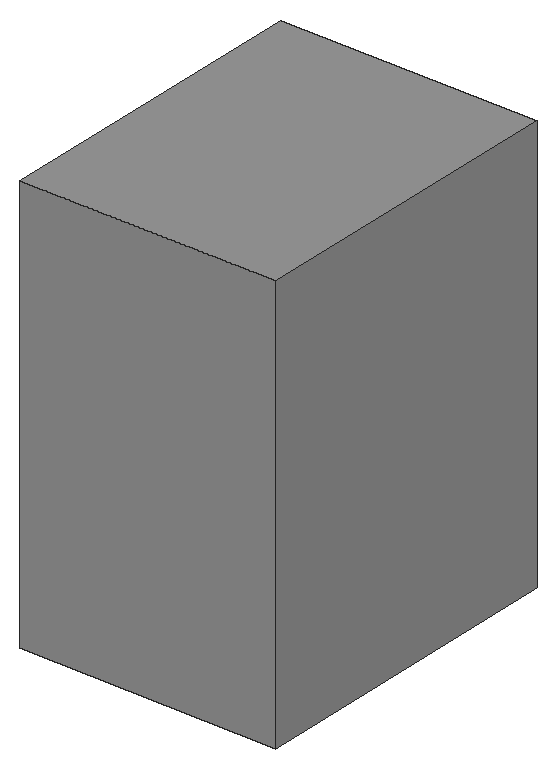
Revit family "PRE080029-FR", category Appareils sanitaires, Revit 2017
Family settings
  Cote de connecteur circulaire = Utiliser le diamètre
  Type d'élément = Normal
  Basée sur le plan de construction = Non
  Toujours verticalement = Oui
  Couper avec des vides une fois chargée = Non
  Partagée = Non
  Point de calcul de pièce = Non
Parameters (values of type "70834 PRESTO CHEF Mitigeur monocommande sur plage avec bec par-dessus")
  Variantes = "70834"
  Product data url = "https://www.bimobject.com/presto/product/pre080029"
  Product Guid = "bc58cdac-6da3-4c08-bdbf-0c1564ae9352"
  LC = 15 mm
  Garantie = ""
  URL Fabricant = "http://www.prestodatashare.com/centretelechargement/index.php?lang=FR&refs=70834"
  URL = "http://www.prestodatashare.com/centretelechargement/index.php?lang=FR&refs=70834"
  Lien notice d'utilisation = "http://www.prestodatashare.com/centretelechargement/index.php?lang=FR&refs=70834"
  Lien fiche produit = "http://www.prestodatashare.com/espacedoc/Fiches_Techniques/FR/70834.pdf"
  Reference = "70834"
  Pression = ""
  Polantis code = "PRE080029"
  Perte de charge = 0.0 Pa
  Profondeur = 286 mm
  Modèle = "70834 PRESTO CHEF Mitigeur monocommande sur plage avec bec par-dessus"
  Matériau = Laiton poli chromé
  Lien CCTP = "http://www.prestodatashare.com/centretelechargement/index.php?lang=FR&refs=70834"
  Largeur = 224 mm
  PC = 30 mm
  Hauteur = 367 mm
  Fonction = "Bec orientable à 360° Saillie 250 mm Hauteur sous bec 276 mm - diamètre 22 mm\nEpaisseur de bec : 1,5 mm\nCartouche céramique avec débit 20 L/min à 3 bar\nBrise-jet anti-tartre interchangeable\nCommande au coude latérale\n\nPression d'utilisation recommandée : 1 à 5 bars\n\nDébit : 20L/min à 3 bar\n\nAlimentation hydraulique : G 1/2'' (15x 21)\n\nMatière et couleur de finition :\nCorps et bec en laiton chromé\nMatière conforme avec la liste \"UBA\"\n\nRésistance thermique : Résiste à une température de 75° C durant 30 minutes (dans le cadre de chocs thermiques).\n\nLivré avec :\n1 étrier de fixation\n2 flexibles PEX avec écrou femelle tresse en acier inoxydable G1/2'' Lg 660 mm avec clapets anti-retour NF\n2 filtres\n\nOption :\nPossibilité d'ajouter une réhausse vendue séparément, facilitant le passage de gros contenants"
  Flux = 0.0316667 L/s
  Finition = "Corps en laiton chromé conforme aux normes NF EN1982/ NF EN 12164 / NF EN 12165\nTraitement de surface Nickel-Chrome selon NF EN12540\nRésistance au brouillard salin neutre (NSS) : 200 h selon NF ISO 9243"
  Fabricant = "LES ROBINETS PRESTO S.A."
  Edition number = 0
  Diamètre Nominal = 15 mm
  Description = "Produit résistant à un usage intensif\nInterface corps/bec renforcé avec double paliers de glissement : absence de jeu et endurance élevée\nBec cossu : Ø 22 mm - épaisseur 1,5mm\nCommande ergonomique et robuste : facilité de préhension\nDéport de la manette sur le côté : accès facilité pour le lavage\nHygiène : bec à intérieur lisse\nFacilité de nettoyage\nBec haut pour laisser passer les grands contenants\nFacilité de maintenance : disponibilité de toutes les pièces d'usure\nBrise-jet pour canaliser l'eau et éviter les projections d'eau latérales"
  Debit = "1,9l/min avec limiteur de débit intégré\r (sprayer)\r\n Dispositif anti-coup de bélier\r\r\n Brise-jet : anti-vandalisme et anti-bouchage"
  Raccordement = "2xG1/2 couplé dessous arrière gauche"
  Adresse = "7, RUE RACINE - 92542 MONTROUGE CEDEX FRANCE"
Reference planes
  plane 1 "Centre (avant/arrière)": y = 0
  plane 2: z = 0
  plane 3 "Centre (gauche/droite)": x = 0
  plane 4: y = -286
  plane 5: x = 224
  plane 6: z = 367
  plane 7: x = 112
  plane 8: z = 1
  plane 9: y = -30
  plane 10: x = 15
  plane 11: x = 209
Forms (mm)
  Extrusion 1, solid, material "Laiton poli chromé" <- "Matériau", detail levels fine
    sketch origin (0, 0, 0) x (1, 0, 0) y (0, 1, 0)
      loop
        line (0, 0) -> (0, -286) -> (224, -286) -> (224, 0) -> (0, 0)
    from 0 to 367
  Extrusion 2, solid, material "Laiton poli chromé" <- "Matériau", detail levels fine
    sketch origin (0, 0, 0) x (1, 0, 0) y (0, 1, 0)
      loop
        circle (15, -30) r 5
    from 0 to 1
  Extrusion 3, solid, material "Laiton poli chromé" <- "Matériau", detail levels fine
    sketch origin (0, 0, 0) x (1, 0, 0) y (0, 1, 0)
      loop
        circle (209, -30) r 5
    from 0 to 1
Cuts and joins
  joined: Extrusion 1, Extrusion 2, Extrusion 3
Dimensions and locks
  "Profondeur": plane 1 "Centre (avant/arrière)" to plane 4
  "Largeur": plane 3 "Centre (gauche/droite)" to plane 5
  "Hauteur": plane 6 to level
  equal spacing: plane 3 "Centre (gauche/droite)", plane 7, plane 5
  locked: plane 8 to plane 2 at 1
  "PC": plane 1 "Centre (avant/arrière)" to plane 9
  "LC": plane 3 "Centre (gauche/droite)" to plane 10
  "LC": plane 11 to plane 5
  aligned and locked: level to plane 2
  aligned and locked: plane 1 "Centre (avant/arrière)" to Extrusion 1 sketch curve
  aligned and locked: plane 3 "Centre (gauche/droite)" to Extrusion 1 sketch curve
  aligned and locked: plane 4 to Extrusion 1 sketch curve
  aligned and locked: plane 5 to Extrusion 1 sketch curve
  aligned and locked: plane 6 to Extrusion 1
  aligned and locked: plane 8 to Extrusion 2
  aligned and locked: plane 8 to Extrusion 3
  aligned and locked: nested 1 to plane 9
  aligned and locked: plane 7 to nested 1
  aligned and locked: plane 6 to nested 2
  aligned and locked: plane 7 to nested 2
  aligned and locked: nested 2 to plane 4
Automatic sketch dimensions
  Extrusion 2 sketch curve to plane 9 = 0 mm
  Extrusion 2 sketch curve to plane 10 = 0 mm
  Extrusion 3 sketch curve to plane 9 = 0 mm
  Extrusion 3 sketch curve to plane 11 = 0 mm
  radius of Extrusion 2 sketch curve = 5 mm
  radius of Extrusion 3 sketch curve = 5 mm
Nested families
  nested 1: "SymboliqueA6" at (0, -30, 0) x (0, 1, 0) z (0, 0, 1), type "SymboliqueA6", detail levels coarse+medium
  nested 2: "S2DA6" at (224, -143, 0) x (0, 1, 0) z (0, 0, 1), type "S2DA6", detail levels coarse+medium
Connectors
  piping at (15, -30, 0), diameter 15, driven by "Diamètre Nominal", driven by "Flux", driven by "Perte de charge"
    settings: on Extrusion 2, index 3, connector inside diameter 609.6 mm, connector length 0 mm, flow factor 0, pipe flow 0.0316667 L/s, pressure drop 0.0 Pa, fitting loss kfactor 0, connector angle 0.00°, fixture units 0, engagement length 0 mm, angle of deflection 0.00°, flow configuration 0, flow direction 1, fitting loss method 4, system type 19, joint type 0, gender type 0, connector reference index -1, connector utility 0, adjustable connector no, is connector primary yes, connector description ""
  piping at (209, -30, 0), diameter 15, driven by "Flux", driven by "Perte de charge", driven by "Diamètre Nominal"
    settings: on Extrusion 3, index 4, connector inside diameter 609.6 mm, connector length 0 mm, flow factor 0, pipe flow 0.0316667 L/s, pressure drop 0.0 Pa, fitting loss kfactor 0, connector angle 0.00°, fixture units 0, engagement length 0 mm, angle of deflection 0.00°, flow configuration 0, flow direction 1, fitting loss method 4, system type 20, joint type 0, gender type 0, connector reference index -1, connector utility 0, adjustable connector no, is connector primary no, connector description ""
Definition of nested family "SymboliqueA6"
  Parameters (values of type "SymboliqueA6")
    V = yes
    P = 1000 mm
    L = 1000 mm
    H = 1000 mm
  Reference planes
    plane 1 "Centre (avant/arrière)": y = 0
    plane 2: z = 0
    plane 3 "Centre (gauche/droite)": x = 0
    plane 4: y = -1000
    plane 5: x = -500
    plane 6: x = 500
    plane 7: z = 1000
    plane 8: z = 500
    plane 9: y = -500
  Lines and regions (mm)
    model lines
      curve 1: line (0, -1000, 1000) -> (0, 0, 0)
      curve 2: line (0, 0, 0) -> (0, -1000, 0)
      curve 3: line (0, -1000, 0) -> (0, 0, 1000)
      curve 4: line (0, 0, 1000) -> (0, -1000, 1000)
  Dimensions and locks
    "H": plane 7 to plane 2
    equal spacing: plane 5, plane 3 "Centre (gauche/droite)", plane 6
    "L": plane 5 to plane 6
    equal spacing: plane 7, plane 8, level
    equal spacing: plane 4, plane 9, plane 1 "Centre (avant/arrière)"
    "P": plane 1 "Centre (avant/arrière)" to plane 4
    aligned and locked: level to plane 2
  Automatic sketch dimensions
    curve 3 to level = 0 mm
    curve 1 to plane 1 "Centre (avant/arrière)" = 0 mm
    curve 1 to plane 7 = 0 mm
    curve 3 to plane 4 = 0 mm
    curve 3 to plane 1 "Centre (avant/arrière)" = 0 mm
    curve 4 to plane 4 = 0 mm
Definition of nested family "S2DA6"
  Parameters (values of type "S2DA6")
    P = 788.322 mm
    L = 1600 mm
    H = 1250.021 mm
  Reference planes
    plane 1 "Centre (avant/arrière)": y = 0
    plane 2: z = 0
    plane 3 "Centre (gauche/droite)": x = 0
    plane 4: y = 788.322
    plane 5: x = -800
    plane 6: x = 800
    plane 7: y = 394.161
    plane 8: z = 1250.021
    plane 9: z = 625.01
  Lines and regions (mm)
    symbolic lines
      curve 1: line (-800, 788.322, 0) -> (800, 0, 0)
      curve 2: line (800, 0, 0) -> (800, 788.322, 0)
      curve 3: line (800, 788.322, 0) -> (-800, 0, 0)
      curve 4: line (-800, 0, 0) -> (-800, 788.322, 0)
      curve 5: line (800, 0, 1250.021) -> (-800, 0, 1250.021)
      curve 6: line (-800, 0, 1250.021) -> (800, 0, 0)
      curve 7: line (800, 0, 0) -> (-800, 0, 0)
      curve 8: line (800, 0, 1250.021) -> (-800, 0, 0)
      curve 9: line (0, 788.322, 0) -> (0, 0, 1250.021)
      curve 10: line (0, 0, 1250.021) -> (0, 788.322, 1250.021)
      curve 11: line (0, 788.322, 1250.021) -> (0, 0, 0)
      curve 12: line (0, 0, 0) -> (0, 788.322, 0)
  Dimensions and locks
    equal spacing: plane 5, plane 3 "Centre (gauche/droite)", plane 6
    equal spacing: plane 1 "Centre (avant/arrière)", plane 7, plane 4
    "P": plane 1 "Centre (avant/arrière)" to plane 4
    "L": plane 5 to plane 6
    equal spacing: plane 8, plane 9, level
    "H": plane 8 to plane 2
    aligned and locked: level to plane 2
  Automatic sketch dimensions
    plane 1 "Centre (avant/arrière)" to curve 3 = 0 mm
    curve 1 to plane 4 = 0 mm
    curve 3 to plane 4 = 0 mm
    plane 1 "Centre (avant/arrière)" to curve 2 = 0 mm
    curve 3 to plane 6 = 0 mm
    curve 4 to plane 5 = 0 mm
    curve 10 to plane 1 "Centre (avant/arrière)" = 0 mm
    curve 10 to plane 8 = 0 mm
    curve 11 to plane 4 = 0 mm
    curve 12 to level = 0 mm
    curve 12 to plane 1 "Centre (avant/arrière)" = 0 mm
    curve 12 to plane 4 = 0 mm
    plane 5 to curve 5 = 0 mm
    curve 8 to level = 0 mm
    plane 5 to curve 8 = 0 mm
    plane 6 to curve 7 = 0 mm
    plane 6 to curve 8 = 0 mm
    curve 6 to plane 8 = 0 mm
